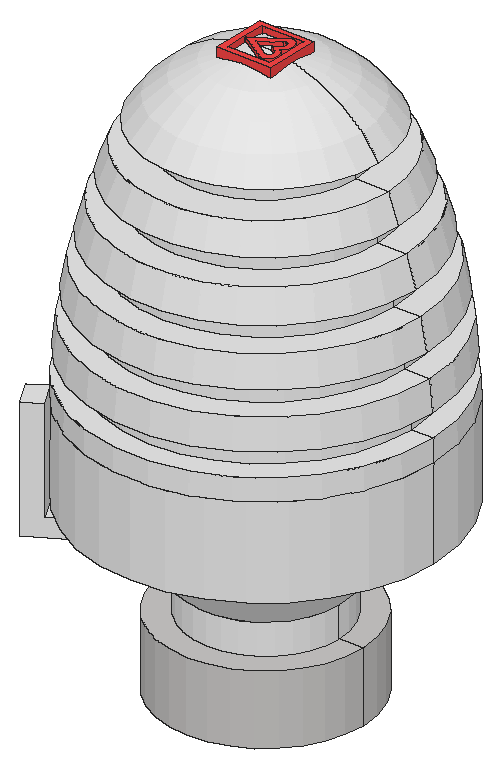
Revit family "HERZ-Design-Thermostatkopf M28x1.5 9230", category Rohrzubehör, Revit 2020
Family settings
  Bemaßung runder Anschluss = Durchmesser verwenden
  Teiletyp = Normal
  OmniClass-Nummer = 23.65.55.14
  OmniClass-Titel = Valves for Liquid Services
  Arbeitsebenenbasiert = Nein
  Immer vertikal = Nein
  Beim Laden mit Abzugskörper schneiden = Nein
  Gemeinsam genutzt = Nein
Parameters
  Vorgabe-Ansicht = 0.000 mm
  URL = "www.herz-armaturen.at"
  Sollwertbereich Frostsicherung = "6-30°C"  # constant formula
  Sollwertbereich = "0-30°C"  # constant formula
  S02 = 60.000 mm  # constant formula
  S01 = 90.000 mm  # constant formula
  Hersteller = "HERZ Armaturen Ges.m.b.H."  # constant formula
  Handrad = "Kunststoff, weiß"  # constant formula
  Funktionsweise = "Der HERZ-Thermostat dient als Fühl- und Regelelement. Durch die Volumsänderung der Flüssigkeitsfüllung im HERZHydrosensor wird die Schubspindel des Ventils bewegt."
  Frostsicherung = 6 °C  # constant formula
  Bestellnummer = 1923006  # constant formula
  Ausführungen = "Heizkörperthermostat mit Flüssigkeitsfühler (Hydrosensor)\r\nmit Stellung „0“, Frostsicherung einstellbar, mit Begrenzung und Blockierung des Sollwertbereiches.\r\nHandradfarbe weiß"
  Anwendungen = "Zur Montage auf allen HERZ-Ventilen, die für thermostatischen Betrieb eingerichtet sind."
Reference planes
  plane 1 "Mitte (Vorne/hinten)": y = 0
  plane 2: z = 0
  plane 3 "Mitte (Links/rechts)": x = 0
Forms (mm)
  Revolve 1, solid, material "Kunststoff weiß", detail levels fine
    sketch origin (0, 0, 0) x (1, 0, 0) y (0, 0, 1)
      loop
        line (0, 0) -> (0, 90)
        arc (0, 90) -> (-10.767, 87.197) -> (-18.8, 79.5) r 22.08
        arc (-18.8, 79.5) -> (-25.672, 59.356) -> (-28, 38.2) r 97.301
        line (-28, 38.2) -> (-28, 23.2) -> (-23.25, 23.2) -> (-23.25, 20.5) -> (-20.4, 20.5) -> (-20.4, 19.7) -> (-12.2, 11.5) -> (-12.2, 4.8) -> (-13.2, 4.8) -> (-13.2, 0) -> (0, 0)
      axis (0, 90) -> (0, 0)
    angle from 0 to 360
  Extrusion 2, solid, material "Kunststoff weiß", detail levels fine
    sketch origin (0, 0, 0) x (0.866025, 0.5, 0) y (0, 0, 1)
      loop
        line (-28.5, 36.04) -> (-31.75, 36.04) -> (-31.75, 16.2) -> (-20.85, 16.2) -> (-20.85, 20.5) -> (-23.25, 20.5) -> (-23.25, 21.5) -> (-24.578, 19.2) -> (-28.5, 19.2) -> (-28.5, 36.04)
    from 2.5 to -2.5
  Extrusion 3, solid, material "Kunststoff weiß", detail levels fine
    sketch origin (0, 0, 0) x (0, 1, 0) y (0, 0, 1)
      loop
        arc (0.75, 19.2) -> (1.987, 19.713) -> (2.5, 20.95) r 1.75
        line (2.5, 20.95) -> (2.5, 32.2) -> (-2.5, 32.2) -> (-2.5, 20.95)
        arc (-2.5, 20.95) -> (-1.987, 19.713) -> (-0.75, 19.2) r 1.75
        line (-0.75, 19.2) -> (0.75, 19.2)
    from 0 to -31.5
  Revolve 4, solid, material "Messing verzinkt", detail levels fine
    sketch origin (0, 0, 0) x (1, 0, 0) y (0, 0, 1)
      loop
        line (0, 0) -> (0, 6.5) -> (-16.25, 6.5) -> (-16.25, -5) -> (-14, -5) -> (-14, 0) -> (0, 0)
      axis (0, 6.5) -> (0, -5)
    angle from 0 to 360
  Revolve 5, void
    sketch origin (0, 0, 0) x (1, 0, 0) y (0, 0, 1)
      loop
        arc (-18.8, 79.5) -> (-19.64, 77.659) -> (-20.442, 75.8) r 97.301
        line (-20.442, 75.8) -> (-14.951, 75.8) -> (-14.951, 79.5) -> (-18.8, 79.5)
      loop
        line (-27.933, 41.8) -> (-24.226, 41.8) -> (-24.226, 45.5) -> (-27.726, 45.5)
        arc (-27.726, 45.5) -> (-27.847, 43.651) -> (-27.933, 41.8) r 97.301
      loop
        arc (-22.197, 71.3) -> (-22.843, 69.456) -> (-23.452, 67.6) r 97.301
        line (-23.452, 67.6) -> (-18.697, 67.6) -> (-18.697, 71.3) -> (-22.197, 71.3)
      loop
        arc (-24.865, 62.7) -> (-25.326, 60.854) -> (-25.751, 59) r 97.301
        line (-25.751, 59) -> (-21.365, 59) -> (-21.365, 62.7) -> (-24.865, 62.7)
      loop
        arc (-26.692, 54.1) -> (-26.98, 52.253) -> (-27.232, 50.4) r 97.301
        line (-27.232, 50.4) -> (-23.192, 50.4) -> (-23.192, 54.1) -> (-26.692, 54.1)
      axis (0, 79.5) -> (0, 41.8)
    angle from 0 to 360
Cuts and joins
  Revolve 5 cuts Revolve 1
Lines and regions (mm)
  model lines, detail levels coarse+medium
    curve 1: line (0, 0, 0) -> (0, 0, 30)
    curve 2: line (0, 0, 0) -> (30, 0, 0)
    curve 3: circle (0, 0, 60) r 30 normal (0, -1, 0)
    curve 4: circle (0, 0, 60) r 30 normal (1, 0, 0)
    curve 5: line (0, 0, 40) -> (0, 0, 80)
    curve 6: line (0, 17.5, 80) -> (0, -17.5, 80)
    curve 7: line (0, 0, 40) -> (0, 0, 80)
    curve 8: line (-17.5, 0, 80) -> (17.5, 0, 80)
    curve 9: circle (60, 0, 0) r 30 normal (0, 0, 1)
    curve 10: line (40, 0, 0) -> (80, 0, 0)
    curve 11: line (80, 17.5, 0) -> (80, -17.5, 0)
Dimensions and locks
  nested 1 to plane 2 = 89.000 mm
  "S01": curve 4 to plane 2
  "S01": curve 3 to plane 2
  "S01": plane 3 "Mitte (Links/rechts)" to curve 9
  "S02": diameter of curve 3
  "S02": diameter of curve 4
  "S02": diameter of curve 9
  aligned and locked: level to plane 2
Automatic sketch dimensions
  Revolve 1 sketch curve to level = 0.000 mm
  Revolve 1 sketch curve to plane 3 "Mitte (Links/rechts)" = 0.000 mm  (x2)
  Revolve 1 sketch curve to plane 3 "Mitte (Links/rechts)" = 12.200 mm
  Revolve 1 sketch curve to Revolve 1 sketch curve = 1.000 mm
  Revolve 1 sketch curve to Revolve 1 sketch curve = 8.200 mm  (x2)
  Revolve 1 sketch curve to Revolve 1 sketch curve = 2.850 mm
  Revolve 1 sketch curve to Revolve 1 sketch curve = 4.750 mm
  plane 3 "Mitte (Links/rechts)" to Revolve 1 sketch curve = 69.301 mm
  level to Revolve 1 sketch curve = 4.800 mm
  Revolve 1 sketch curve to Revolve 1 sketch curve = 6.700 mm
  Revolve 1 sketch curve to Revolve 1 sketch curve = 0.800 mm
  Revolve 1 sketch curve to Revolve 1 sketch curve = 2.700 mm
  Revolve 1 sketch curve to Revolve 1 sketch curve = 15.000 mm
  Revolve 1 sketch curve to Revolve 1 sketch curve = 29.720 mm
  Revolve 1 sketch curve to Revolve 1 sketch curve = 22.080 mm
  Revolve 1 sketch curve to level = 366.045 mm
  Revolve 1 sketch curve to Revolve 1 sketch curve = 0.000 mm
  level to Extrusion 2 sketch curve = 36.040 mm
  Extrusion 2 sketch curve to Extrusion 2 sketch curve = 3.250 mm
  Extrusion 2 sketch curve to Extrusion 2 sketch curve = 3.922 mm
  level to Extrusion 2 sketch curve = 21.500 mm
  Extrusion 2 sketch curve to Extrusion 2 sketch curve = 1.328 mm
  Extrusion 2 sketch curve to Extrusion 2 sketch curve = 3.728 mm
  Extrusion 2 sketch curve to Extrusion 2 sketch curve = 1.000 mm
  Extrusion 2 sketch curve to Extrusion 2 sketch curve = 1.300 mm
  Extrusion 2 sketch curve to Extrusion 2 sketch curve = 3.000 mm
  plane 1 "Mitte (Vorne/hinten)" to Extrusion 3 sketch curve = 2.500 mm
  plane 1 "Mitte (Vorne/hinten)" to Extrusion 3 sketch curve = 0.750 mm
  Extrusion 3 sketch curve to plane 1 "Mitte (Vorne/hinten)" = 0.750 mm
  Extrusion 3 sketch curve to plane 1 "Mitte (Vorne/hinten)" = 2.500 mm
  level to Extrusion 3 sketch curve = 19.200 mm
  Extrusion 3 sketch curve to Extrusion 3 sketch curve = 11.250 mm
  Revolve 4 sketch curve to level = 0.000 mm
  Revolve 4 sketch curve to plane 3 "Mitte (Links/rechts)" = 0.000 mm  (x2)
  Revolve 4 sketch curve to level = 5.000 mm
  Revolve 4 sketch curve to plane 3 "Mitte (Links/rechts)" = 14.000 mm
  Revolve 4 sketch curve to Revolve 4 sketch curve = 2.250 mm
  level to Revolve 4 sketch curve = 6.500 mm
  Revolve 4 sketch curve to Revolve 4 sketch curve = 361.045 mm
  Revolve 4 sketch curve to Revolve 4 sketch curve = 2207.815 mm
  Revolve 5 sketch curve to Revolve 5 sketch curve = 0.000 mm  (x20)
  Revolve 5 sketch curve to plane 3 "Mitte (Links/rechts)" = 0.000 mm
  Revolve 5 sketch curve to plane 3 "Mitte (Links/rechts)" = 14.951 mm
  Revolve 5 sketch curve to Revolve 5 sketch curve = 3.746 mm
  Revolve 5 sketch curve to Revolve 5 sketch curve = 3.849 mm
  Revolve 5 sketch curve to Revolve 5 sketch curve = 1.642 mm
  Revolve 5 sketch curve to Revolve 5 sketch curve = 2.668 mm
  Revolve 5 sketch curve to Revolve 5 sketch curve = 3.500 mm  (x4)
  Revolve 5 sketch curve to Revolve 5 sketch curve = 1.827 mm
  Revolve 5 sketch curve to Revolve 5 sketch curve = 1.255 mm
  Revolve 5 sketch curve to Revolve 5 sketch curve = 1.034 mm
  Revolve 5 sketch curve to Revolve 5 sketch curve = 0.886 mm
  Revolve 5 sketch curve to Revolve 5 sketch curve = 0.540 mm
  Revolve 5 sketch curve to Revolve 5 sketch curve = 0.208 mm
  level to Revolve 5 sketch curve = 38.200 mm
  plane 3 "Mitte (Links/rechts)" to Revolve 5 sketch curve = 69.301 mm
  level to Revolve 5 sketch curve = 41.800 mm
  Revolve 5 sketch curve to Revolve 5 sketch curve = 4.900 mm  (x3)
  Revolve 5 sketch curve to Revolve 5 sketch curve = 4.500 mm
  Revolve 5 sketch curve to level = 366.045 mm
  Revolve 5 sketch curve to Revolve 5 sketch curve = 2134.815 mm
  curve 5 to plane 1 "Mitte (Vorne/hinten)" = 0.000 mm
  curve 4 to plane 1 "Mitte (Vorne/hinten)" = 0.000 mm
  plane 1 "Mitte (Vorne/hinten)" to curve 6 = 17.500 mm
  curve 5 to curve 6 = 17.500 mm
  curve 5 to curve 4 = 20.000 mm
  curve 4 to curve 6 = 20.000 mm
  curve 3 to plane 3 "Mitte (Links/rechts)" = 0.000 mm
  curve 7 to plane 3 "Mitte (Links/rechts)" = 0.000 mm
  curve 1 to plane 3 "Mitte (Links/rechts)" = 0.000 mm
  curve 1 to level = 0.000 mm
  curve 8 to curve 7 = 17.500 mm
  plane 3 "Mitte (Links/rechts)" to curve 8 = 17.500 mm
  curve 1 to curve 7 = 10.000 mm
  curve 3 to curve 8 = 20.000 mm
  plane 1 "Mitte (Vorne/hinten)" to curve 2 = 0.000 mm
  curve 2 to plane 3 "Mitte (Links/rechts)" = 0.000 mm
  plane 1 "Mitte (Vorne/hinten)" to curve 10 = 0.000 mm
  plane 1 "Mitte (Vorne/hinten)" to curve 9 = 0.000 mm
  curve 2 to curve 10 = 10.000 mm
  curve 9 to curve 11 = 20.000 mm
  curve 11 to curve 10 = 17.500 mm
  curve 11 to plane 1 "Mitte (Vorne/hinten)" = 17.500 mm
Nested families
  nested 1: "Herz-Logo" at (0, 0, 89) x (0, -1, 0) z (0, 0, 1), type "Herz-Logo", detail levels fine
Definition of nested family "Herz-Logo"
  Parameters (values of type "Herz-Logo")
    Default Elevation = 0.000 mm
  Reference planes
    plane 1 "Mitte (Vorne/hinten)": y = 0
    plane 2: z = 0
    plane 3 "Mitte (Links/rechts)": x = 0
  Forms (mm)
    Extrusion 1, solid
      sketch origin (0, 0, 0) x (1, 0, 0) y (0, 1, 0)
        loop
          line (-0.018, -4.517) -> (4.482, -4.517) -> (4.482, 4.483) -> (-4.518, 4.483) -> (-4.518, -4.517) -> (-0.018, -4.517)
        loop
          line (-0.05, -3.48) -> (3.482, -3.48) -> (3.482, 3.483) -> (-3.518, 3.483) -> (-3.518, -3.48) -> (-0.05, -3.48)
        loop
          arc (-0.018, 2.383) -> (-1.543, 3.287) -> (-3.067, 2.383) r 1.738
          arc (-3.067, 2.383) -> (-3.191, 1.899) -> (-3.067, 1.415) r 1.009
          line (-3.067, 1.415) -> (-0.018, -3.281) -> (3.032, 1.415)
          arc (3.032, 1.415) -> (3.156, 1.899) -> (3.032, 2.383) r 1.009
          arc (3.032, 2.383) -> (1.507, 3.287) -> (-0.018, 2.383) r 1.738
        loop
          arc (1.885, 1.272) -> (2.005, 1.675) -> (1.885, 2.079) r 0.74
          arc (1.885, 2.079) -> (1.265, 2.416) -> (0.644, 2.079) r 0.74
          line (0.644, 2.079) -> (-0.018, 0.97) -> (-0.679, 2.079)
          arc (-0.679, 2.079) -> (-1.3, 2.416) -> (-1.921, 2.079) r 0.74
          arc (-1.921, 2.079) -> (-2.04, 1.675) -> (-1.921, 1.272) r 0.74
          line (-1.921, 1.272) -> (-0.018, -1.658) -> (1.885, 1.272)
      from 0 to 1.5
  Dimensions and locks
    aligned and locked: level to plane 2
